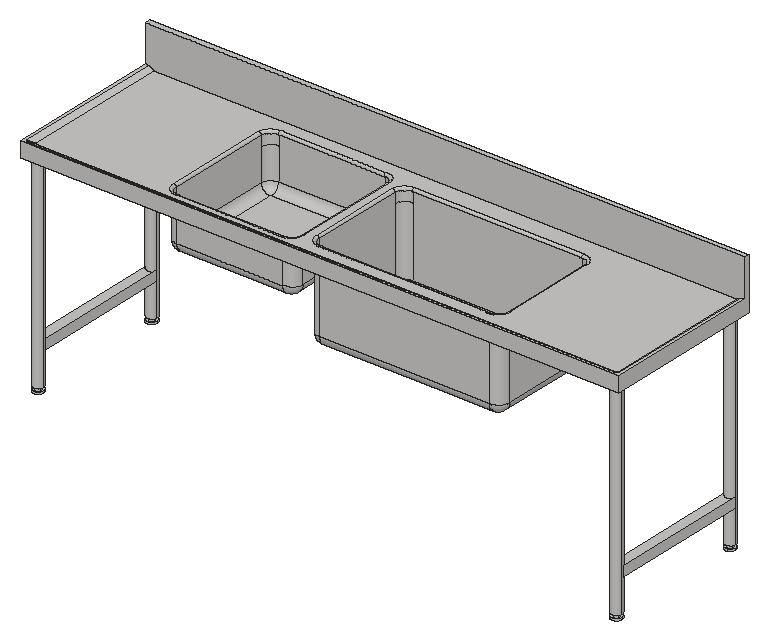
Revit family
Parameters (values of type "2400 X 650 Bowl Center")
  Waste Outlet Distance = 335 mm
  Material = Stainless Steel Grade 304
  Depth of Catering Bowl = 230 mm
  Width of Catering Bowl = 505 mm
  Length of Catering Bowl = 505 mm
  Depth of Pot Bowl = 380 mm
  Width of Pot Bowl = 460 mm
  Length of Pot Bowl = 760 mm
  Distance of Bowl = 100 mm
  Waste Connection Radius = Waste Connection Diameter / 2  # 20 mm
  Waste Connection Diameter = 40 mm
  WFU = 0
  URL = "http://www.autospec.co.za/browse.php?id=1644179283"
  Product Code = "None"
  OmniClass Title = ""
  OmniClass Number = ""
  Modspec Classification = ""
  Specification = ""
  Location (revit room) = ""
  Bowl Position [instance] = if(Bowl Position End, Distance of Bowl, if(Bowl Position Center, (Length / 2 - (Length of Catering Bowl + Length of Pot Bowl) / 2 - 25 mm), Distance of Bowl))  # 542.5 mm
  Description = ""
  Colour = none
  Bowl Position End = no
  Bowl Position Center = not(Bowl Position End)  # yes
  Body Finish = none
  Bed Height = 210 mm
  Splashback Height = 150 mm
  Width = 650 mm
  Model = "Combination Catering And Pot Sink Bowl Center Series KP1/KS1-2400 X 650"
  Manufacturer = "Kwikot"  # constant formula
  Length = 2400 mm
  Height = 1050 mm
  Assembly Code = "E1090300"
Reference planes
  plane 1 "Center (Front/Back)": y = 0
  plane 2 "Bottom": z = 0
  plane 3 "Center (Left/Right)": x = 0
  plane 4 "Left": x = -1200
  plane 5 "Right": x = 1200
  plane 6 "Front": y = -650
  plane 7 "Top": z = 1050
  plane 8: z = 900
  plane 9: z = 840
  plane 10: z = 520
  plane 11: y = -335
  plane 12: x = 18
  plane 13: x = -405
  plane 14: x = 657.5
  plane 15: x = -152.5
  plane 16: x = -657.5
  plane 17: x = -102.5
  plane 18: y = -105
  plane 19: y = -565
  plane 20: z = 670
  plane 21: y = -82.5
  plane 22: y = -587.5
Forms (mm)
  Extrusion 1, solid, material "Stainless Steel Grade 304" <- "Material"
    sketch origin (-1200, -491, 4000) x (0, -1, 0) y (0, 0, 1)
      loop
        line (-491, -3160) -> (159, -3160) -> (159, -3100) -> (-471, -3100) -> (-471, -2950) -> (-491, -2950) -> (-491, -3160)
    from 0 to -2400
  Blend 2, void
    base sketch origin (-779.234, -1524, 900) x (0, -1, 0) y (1, 0, 0)
      loop
        arc (-891, -408.766) -> (-887.464, -407.302) -> (-886, -403.766) r 5
        line (-886, -403.766) -> (-886, 1962.234)
        arc (-886, 1962.234) -> (-887.464, 1965.769) -> (-891, 1967.234) r 5
        line (-891, 1967.234) -> (-1504, 1967.234) -> (-1504, -408.766) -> (-891, -408.766)
    top sketch origin (-779.234, -1524, 900) x (0, -1, 0) y (1, 0, 0)
      loop
        line (-1504, -388.766) -> (-911, -388.766)
        arc (-911, -388.766) -> (-907.464, -387.302) -> (-906, -383.766) r 5
        line (-906, -383.766) -> (-906, 1942.234)
        arc (-906, 1942.234) -> (-907.464, 1945.769) -> (-911, 1947.234) r 5
        line (-911, 1947.234) -> (-1504, 1947.234) -> (-1504, -388.766)
    from 0 to -12
  Extrusion 3, void
    sketch origin (-779.234, -1524, 840) x (0, -1, 0) y (-1, 0, 0)
      loop
        line (-1419, -716.734) -> (-1419, -1396.734)
        arc (-1419, -1396.734) -> (-1407.284, -1425.018) -> (-1379, -1436.734) r 40
        line (-1379, -1436.734) -> (-999, -1436.734)
        arc (-999, -1436.734) -> (-970.716, -1425.018) -> (-959, -1396.734) r 40
        line (-959, -1396.734) -> (-959, -716.734)
        arc (-959, -716.734) -> (-970.716, -688.449) -> (-999, -676.734) r 40
        line (-999, -676.734) -> (-1379, -676.734)
        arc (-1379, -676.734) -> (-1407.284, -688.449) -> (-1419, -716.734) r 40
      loop
        arc (-1441.5, -586.734) -> (-1429.784, -615.018) -> (-1401.5, -626.734) r 40
        line (-1401.5, -626.734) -> (-976.5, -626.734)
        arc (-976.5, -626.734) -> (-948.216, -615.018) -> (-936.5, -586.734) r 40
        line (-936.5, -586.734) -> (-936.5, -161.734)
        arc (-936.5, -161.734) -> (-948.216, -133.449) -> (-976.5, -121.734) r 40
        line (-976.5, -121.734) -> (-1401.5, -121.734)
        arc (-1401.5, -121.734) -> (-1429.784, -133.449) -> (-1441.5, -161.734) r 40
        line (-1441.5, -161.734) -> (-1441.5, -586.734)
    from 0 to -60
  Sweep 4, solid, material "Stainless Steel Grade 304" <- "Material"
    path origin (-779.234, -1524, 900) x (-1, 0, 0) y (0, -1, 0)
      loop
        line (-676.734, -1379) -> (-676.734, -999)
        arc (-676.734, -999) -> (-688.449, -970.716) -> (-716.734, -959) r 40
        line (-716.734, -959) -> (-1396.734, -959)
        arc (-1396.734, -959) -> (-1425.018, -970.716) -> (-1436.734, -999) r 40
        line (-1436.734, -999) -> (-1436.734, -1379)
        arc (-1436.734, -1379) -> (-1425.018, -1407.284) -> (-1396.734, -1419) r 40
        line (-1396.734, -1419) -> (-716.734, -1419)
        arc (-716.734, -1419) -> (-688.449, -1407.284) -> (-676.734, -1379) r 40
    profile origin (-102.5, -335, 900) x (1, 0, 0) y (0, 0, 1)
      loop
        line (0, -12) -> (-5, -12) -> (-5, -340)
        arc (-5, -340) -> (6.716, -368.284) -> (35, -380) r 40
        line (35, -380) -> (35, -375)
        arc (35, -375) -> (10.251, -364.749) -> (0, -340) r 35
        line (0, -340) -> (0, -12)
  Sweep 5, solid, material "Stainless Steel Grade 304" <- "Material"
    path origin (-779.234, -1524, 900) x (-1, 0, 0) y (0, -1, 0)
      loop
        line (-121.734, -1401.5) -> (-121.734, -976.5)
        arc (-121.734, -976.5) -> (-133.449, -948.216) -> (-161.734, -936.5) r 40
        line (-161.734, -936.5) -> (-586.734, -936.5)
        arc (-586.734, -936.5) -> (-615.018, -948.216) -> (-626.734, -976.5) r 40
        line (-626.734, -976.5) -> (-626.734, -1401.5)
        arc (-626.734, -1401.5) -> (-615.018, -1429.784) -> (-586.734, -1441.5) r 40
        line (-586.734, -1441.5) -> (-161.734, -1441.5)
        arc (-161.734, -1441.5) -> (-133.449, -1429.784) -> (-121.734, -1401.5) r 40
    profile origin (-657.5, -335, 900) x (1, 0, 0) y (0, 0, 1)
      loop
        line (0, -12) -> (-5, -12) -> (-5, -190)
        arc (-5, -190) -> (6.716, -218.284) -> (35, -230) r 40
        line (35, -230) -> (35, -225)
        arc (35, -225) -> (10.251, -214.749) -> (0, -190) r 35
        line (0, -190) -> (0, -12)
  Extrusion 6, solid, material "Stainless Steel Grade 304" <- "Material"
    sketch origin (-1108.106, -1524, 670) x (-1, 0, 0) y (0, -1, 0)
      loop
        circle (-703.106, -1189) r 26
      loop
        arc (-485.606, -976.5) -> (-487.07, -972.964) -> (-490.606, -971.5) r 5
        line (-490.606, -971.5) -> (-915.606, -971.5)
        arc (-915.606, -971.5) -> (-919.141, -972.964) -> (-920.606, -976.5) r 5
        line (-920.606, -976.5) -> (-920.606, -1401.5)
        arc (-920.606, -1401.5) -> (-919.141, -1405.036) -> (-915.606, -1406.5) r 5
        line (-915.606, -1406.5) -> (-490.606, -1406.5)
        arc (-490.606, -1406.5) -> (-487.07, -1405.036) -> (-485.606, -1401.5) r 5
        line (-485.606, -1401.5) -> (-485.606, -976.5)
    from 0 to 5
  Extrusion 7, solid, material "Stainless Steel Grade 304" <- "Material"
    sketch origin (-779.234, -1524, 520) x (-1, 0, 0) y (0, -1, 0)
      loop
        arc (-711.734, -999) -> (-713.198, -995.464) -> (-716.734, -994) r 5
        line (-716.734, -994) -> (-1396.734, -994)
        arc (-1396.734, -994) -> (-1400.269, -995.464) -> (-1401.734, -999) r 5
        line (-1401.734, -999) -> (-1401.734, -1379)
        arc (-1401.734, -1379) -> (-1400.269, -1382.536) -> (-1396.734, -1384) r 5
        line (-1396.734, -1384) -> (-716.734, -1384)
        arc (-716.734, -1384) -> (-713.198, -1382.536) -> (-711.734, -1379) r 5
        line (-711.734, -1379) -> (-711.734, -999)
      loop
        circle (-797.234, -1189) r 26
    from 0 to 5
  Blend 8, solid, material "Stainless Steel Grade 304" <- "Material"
    base sketch origin (-1108.106, -1524, 670) x (-1, 0, 0) y (0, -1, 0)
      loop
        circle (-703.106, -1189) r 26
    top sketch origin (-1108.106, -1524, 670) x (-1, 0, 0) y (0, -1, 0)
      loop
        circle (-703.106, -1189) r 20
    from 0 to -5
  Blend 9, solid, material "Stainless Steel Grade 304" <- "Material"
    base sketch origin (-779.234, -1524, 520) x (-1, 0, 0) y (0, -1, 0)
      loop
        circle (-797.234, -1189) r 26
    top sketch origin (-779.234, -1524, 520) x (-1, 0, 0) y (0, -1, 0)
      loop
        circle (-797.234, -1189) r 20
    from 0 to -5
  Sweep 10, void
    path origin (-779.234, -1524, 900) x (-1, 0, 0) y (0, -1, 0)
      loop
        line (-121.734, -1401.5) -> (-121.734, -976.5)
        arc (-121.734, -976.5) -> (-133.449, -948.216) -> (-161.734, -936.5) r 40
        line (-161.734, -936.5) -> (-586.734, -936.5)
        arc (-586.734, -936.5) -> (-615.018, -948.216) -> (-626.734, -976.5) r 40
        line (-626.734, -976.5) -> (-626.734, -1401.5)
        arc (-626.734, -1401.5) -> (-615.018, -1429.784) -> (-586.734, -1441.5) r 40
        line (-586.734, -1441.5) -> (-161.734, -1441.5)
        arc (-161.734, -1441.5) -> (-133.449, -1429.784) -> (-121.734, -1401.5) r 40
    profile origin (-657.5, -335, 900) x (1, 0, 0) y (0, 0, 1)
      loop
        line (0, -12) -> (-10, -12)
        arc (-10, -12) -> (-2.929, -14.929) -> (0, -22) r 10
        line (0, -22) -> (0, -12)
  Sweep 11, void
    path origin (-779.234, -1524, 900) x (-1, 0, 0) y (0, -1, 0)
      loop
        line (-676.734, -1379) -> (-676.734, -999)
        arc (-676.734, -999) -> (-688.449, -970.716) -> (-716.734, -959) r 40
        line (-716.734, -959) -> (-1396.734, -959)
        arc (-1396.734, -959) -> (-1425.018, -970.716) -> (-1436.734, -999) r 40
        line (-1436.734, -999) -> (-1436.734, -1379)
        arc (-1436.734, -1379) -> (-1425.018, -1407.284) -> (-1396.734, -1419) r 40
        line (-1396.734, -1419) -> (-716.734, -1419)
        arc (-716.734, -1419) -> (-688.449, -1407.284) -> (-676.734, -1379) r 40
    profile origin (-102.5, -335, 900) x (1, 0, 0) y (0, 0, 1)
      loop
        line (0, -12) -> (-10, -12)
        arc (-10, -12) -> (-2.929, -14.929) -> (0, -22) r 10
        line (0, -22) -> (0, -12)
  Extrusion 12, solid, material "Stainless Steel Grade 304" <- "Material"
    sketch origin (0, 0, 0) x (1, 0, 0) y (0, 1, 0)
      loop
        circle (-1160, -610) r 21
      loop
        circle (-1160, -40) r 21
      loop
        circle (1160, -610) r 21
      loop
        circle (1160, -40) r 21
    from 0 to 5
  Extrusion 13, solid, material "Stainless Steel Grade 304" <- "Material"
    sketch origin (0, 0, 0) x (1, 0, 0) y (0, 1, 0)
      loop
        circle (-1160, -40) r 10
      loop
        circle (-1160, -610) r 10
      loop
        circle (1160, -40) r 10
      loop
        circle (1160, -610) r 10
    from 5 to 20
  Extrusion 14, solid, material "Stainless Steel Grade 304" <- "Material"
    sketch origin (-779.234, -1524, 840) x (-1, 0, 0) y (0, -1, 0)
      loop
        circle (380.766, -914) r 21
      loop
        circle (380.766, -1484) r 21
      loop
        circle (-1939.234, -1484) r 21
      loop
        circle (-1939.234, -914) r 21
    from 0 to -820
  Extrusion 15, solid, material "Stainless Steel Grade 304" <- "Material"
    sketch origin (0, 0, 0) x (1, 0, 0) y (0, 1, 0)
      loop
        line (-1181, -40) -> (-1181, -610)
        arc (-1181, -610) -> (-1160, -589) -> (-1139, -610) r 21
        line (-1139, -610) -> (-1139, -40)
        arc (-1139, -40) -> (-1160, -61) -> (-1181, -40) r 21
      loop
        line (1139, -40) -> (1139, -610)
        arc (1139, -610) -> (1160, -589) -> (1181, -610) r 21
        line (1181, -610) -> (1181, -40)
        arc (1181, -40) -> (1160, -61) -> (1139, -40) r 21
    from 150 to 190
Cuts and joins
  Blend 2, Extrusion 3, Sweep 10, Sweep 11 cuts Extrusion 1
  Sweep 10, Sweep 11 cuts Sweep 4
  Sweep 10, Sweep 11 cuts Sweep 5
  Sweep 10, Sweep 11 cuts Extrusion 6
  Sweep 10, Sweep 11 cuts Extrusion 7
  joined: Extrusion 1, Sweep 4, Sweep 5, Extrusion 6, Extrusion 7, Blend 8, Blend 9
Lines and regions (mm)
  symbolic lines
    curve 1: line (-1200, 0, 750) -> (-1200, -650, 750)
    curve 2: line (1200, 0, 750) -> (-1200, 0, 750)
    curve 3: line (1200, -650, 750) -> (1200, 0, 750)
    curve 4: line (-1200, -650, 750) -> (1200, -650, 750)
    curve 5: line (-1200, -20, 750) -> (1200, -20, 750)
    curve 6: line (-1188, -633, 1050) -> (-1188, -20, 1050)
    curve 7: arc (-1183, -638, 1050) -> (-1186.536, -636.536, 1050) -> (-1188, -633, 1050) r 5
    curve 8: line (1183, -638, 1050) -> (-1183, -638, 1050)
    curve 9: line (-1168, -20, 1050) -> (-1168, -613, 1050)
    curve 10: arc (-1168, -613, 1050) -> (-1166.536, -616.536, 1050) -> (-1163, -618, 1050) r 5
    curve 11: line (-1163, -618, 1050) -> (1163, -618, 1050)
    curve 12: arc (1163, -618, 1050) -> (1166.536, -616.536, 1050) -> (1168, -613, 1050) r 5
    curve 13: line (1168, -613, 1050) -> (1168, -20, 1050)
    curve 14: arc (1188, -633, 1050) -> (1186.536, -636.536, 1050) -> (1183, -638, 1050) r 5
    curve 15: line (1188, -20, 1050) -> (1188, -633, 1050)
    curve 16: line (617.5, -565, 1050) -> (-62.5, -565, 1050)
    curve 17: arc (-62.5, -565, 1050) -> (-90.784, -553.284, 1050) -> (-102.5, -525, 1050) r 40
    curve 18: line (-102.5, -525, 1050) -> (-102.5, -145, 1050)
    curve 19: arc (-102.5, -145, 1050) -> (-90.784, -116.716, 1050) -> (-62.5, -105, 1050) r 40
    curve 20: line (-62.5, -105, 1050) -> (617.5, -105, 1050)
    curve 21: arc (617.5, -105, 1050) -> (645.784, -116.716, 1050) -> (657.5, -145, 1050) r 40
    curve 22: line (657.5, -145, 1050) -> (657.5, -525, 1050)
    curve 23: arc (657.5, -525, 1050) -> (645.784, -553.284, 1050) -> (617.5, -565, 1050) r 40
    curve 24: line (-657.5, -122.5, 1050) -> (-657.5, -547.5, 1050)
    curve 25: arc (-657.5, -122.5, 1050) -> (-645.784, -94.216, 1050) -> (-617.5, -82.5, 1050) r 40
    curve 26: line (-192.5, -82.5, 1050) -> (-617.5, -82.5, 1050)
    curve 27: arc (-192.5, -82.5, 1050) -> (-164.216, -94.216, 1050) -> (-152.5, -122.5, 1050) r 40
    curve 28: line (-152.5, -547.5, 1050) -> (-152.5, -122.5, 1050)
    curve 31: arc (-152.5, -547.5, 1050) -> (-164.216, -575.784, 1050) -> (-192.5, -587.5, 1050) r 40
    curve 32: line (-617.5, -587.5, 1050) -> (-192.5, -587.5, 1050)
    curve 33: arc (-617.5, -587.5, 1050) -> (-645.784, -575.784, 1050) -> (-657.5, -547.5, 1050) r 40
  symbolic lines, detail levels fine
    curve 29: arc (-431, -335, 1050) -> (-405, -309, 1050) -> (-379, -335, 1050) r 26
    curve 30: arc (-379, -335, 1050) -> (-405, -361, 1050) -> (-431, -335, 1050) r 26
    curve 34: arc (44, -335, 1050) -> (18, -361, 1050) -> (-8, -335, 1050) r 26
    curve 35: arc (-8, -335, 1050) -> (18, -309, 1050) -> (44, -335, 1050) r 26
Dimensions and locks
  equal spacing: plane 4 "Left", plane 3 "Center (Left/Right)", plane 5 "Right"
  "Length": plane 4 "Left" to plane 5 "Right"
  "Width": plane 1 "Center (Front/Back)" to plane 6 "Front"
  "Height": plane 7 "Top" to level
  "Splashback Height": plane 7 "Top" to plane 8
  Blend 2 sketch curve to plane 6 "Front" = 12 mm
  "Bed Height": plane 7 "Top" to plane 9
  "Waste Outlet Distance": plane 11 to plane 1 "Center (Front/Back)"
  Blend 2 sketch curve to var sketch = 20 mm  (x2)
  var sketch to Blend 2 sketch curve = 20 mm
  "Width of Pot Bowl": plane 18 to plane 19
  "Length of Catering Bowl": plane 16 to plane 15
  "Length of Pot Bowl": plane 17 to plane 14
  "Depth of Pot Bowl": plane 8 to plane 10
  "Depth of Catering Bowl": plane 8 to plane 20
  "Width of Catering Bowl": plane 21 to plane 22
  plane 4 "Left" to Extrusion 12 sketch curve = 40 mm  (x2)
  Extrusion 12 sketch curve to plane 6 "Front" = 40 mm  (x2)
  Extrusion 12 sketch curve to plane 1 "Center (Front/Back)" = 40 mm  (x2)
  Extrusion 12 sketch curve to plane 5 "Right" = 40 mm  (x2)
  Extrusion 15 to plane 2 "Bottom" = 150 mm
  "Bowl Position": plane 14 to plane 5 "Right"
  plane 15 to plane 17 = 50 mm
  plane 13 to plane 12 = 423 mm
  plane 11 to plane 1 "Center (Front/Back)" = 335 mm
  equal spacing: plane 16, plane 13, plane 15
  equal spacing: plane 21, plane 11, plane 22
  equal spacing: plane 18, plane 11, plane 19
  radius of Extrusion 3 sketch curve = 40 mm  (x8)
  radius of Extrusion 7 sketch curve = 26 mm
  "Waste Connection Radius": radius of Blend 8 sketch curve
  "Waste Connection Radius": radius of Blend 9 sketch curve
  radius of Extrusion 12 sketch curve = 21 mm  (x4)
  aligned and locked: level to plane 2 "Bottom"
  aligned and locked: Extrusion 1 sketch curve to plane 9
  aligned and locked: Extrusion 1 sketch curve to plane 1 "Center (Front/Back)"
  aligned and locked: plane 8 to Extrusion 1 sketch curve
  aligned and locked: Extrusion 1 sketch curve to plane 6 "Front"
  aligned and locked: plane 7 "Top" to Extrusion 1 sketch curve
  aligned and locked: plane 4 "Left" to Extrusion 1
  aligned and locked: Extrusion 1 to plane 5 "Right"
  aligned and locked: var sketch to Blend 2 sketch curve
  aligned and locked: plane 8 to Extrusion 3
  aligned and locked: Extrusion 3 to plane 9
  aligned and locked: Sweep 4 sketch curve to cut or joined group 1 (Extrusion 1, Blend 2, Extrusion 3, Sweep 4, Sweep 5, Extrusion 6, Extrusion 7, Blend 8, Blend 9, Sweep 10, Sweep 11)  (x6)
  aligned and locked: curve 7 to cut or joined group 1
  aligned and locked: curve 9 to cut or joined group 1
  aligned and locked: curve 10 to cut or joined group 1
  aligned and locked: curve 12 to cut or joined group 1
  aligned and locked: curve 14 to cut or joined group 1
  aligned and locked: curve 15 to cut or joined group 1
  aligned and locked: curve 17 to cut or joined group 1
  aligned and locked: curve 19 to cut or joined group 1
  aligned and locked: curve 21 to cut or joined group 1
  aligned and locked: curve 23 to cut or joined group 1
  aligned and locked: Sweep 5 sketch curve to cut or joined group 1  (x6)
  aligned and locked: plane 11 to Extrusion 6 sketch curve
  aligned and locked: plane 13 to Extrusion 6 sketch curve
  aligned and locked: Extrusion 7 sketch curve to cut or joined group 1  (x4)
  aligned and locked: plane 11 to Extrusion 7 sketch curve
  aligned and locked: plane 12 to Extrusion 7 sketch curve
  aligned and locked: curve 25 to cut or joined group 1
  aligned and locked: curve 27 to cut or joined group 1
  aligned and locked: curve 29 to cut or joined group 1
  aligned and locked: curve 30 to cut or joined group 1
  aligned and locked: curve 31 to cut or joined group 1
  aligned and locked: curve 33 to cut or joined group 1
  aligned and locked: curve 34 to cut or joined group 1
  aligned and locked: curve 35 to cut or joined group 1
  aligned and locked: Blend 8 sketch curve to cut or joined group 1  (x2)
  aligned and locked: plane 11 to Blend 8 sketch curve
  aligned and locked: plane 13 to Blend 8 sketch curve
  aligned and locked: Blend 9 sketch curve to cut or joined group 1  (x2)
  aligned and locked: plane 11 to Blend 9 sketch curve
  aligned and locked: plane 12 to Blend 9 sketch curve
  aligned and locked: plane 10 to Sweep 4 sketch curve
  aligned and locked: Extrusion 3 sketch curve to plane 18
  aligned and locked: plane 19 to Extrusion 3 sketch curve
  aligned and locked: plane 16 to Extrusion 3 sketch curve
  aligned and locked: plane 15 to Extrusion 3 sketch curve
  aligned and locked: plane 17 to Extrusion 3 sketch curve
  aligned and locked: plane 14 to Extrusion 3 sketch curve
  aligned and locked: plane 20 to Sweep 5 sketch curve
  aligned and locked: Extrusion 6 sketch curve to Sweep 5  (x4)
  aligned and locked: plane 21 to Extrusion 3 sketch curve
  aligned and locked: Extrusion 3 sketch curve to plane 22
  aligned and locked: Sweep 10 sketch curve to cut or joined group 1  (x4)
  aligned and locked: profile plane to Sweep 10 sketch curve
  aligned and locked: cut or joined group 1 to Sweep 10 sketch curve
  aligned and locked: Sweep 11 sketch curve to cut or joined group 1  (x4)
  aligned and locked: profile plane to Sweep 11 sketch curve
  aligned and locked: cut or joined group 1 to Sweep 11 sketch curve
  aligned and locked: Extrusion 14 sketch curve to Extrusion 12  (x8)
  aligned and locked: Extrusion 14 to Extrusion 13
  aligned and locked: Extrusion 15 sketch curve to Extrusion 14  (x4)
Automatic sketch dimensions
  plane 1 "Center (Front/Back)" to Extrusion 1 sketch curve = 20 mm
  Blend 2 sketch curve to Blend 2 sketch curve = 5 mm  (x4)
  plane 1 "Center (Front/Back)" to Blend 2 sketch curve = 20 mm
  Blend 2 sketch curve to plane 4 "Left" = 12 mm
  plane 5 "Right" to Blend 2 sketch curve = 17 mm
  plane 1 "Center (Front/Back)" to curve 3 = 0 mm
  curve 3 to plane 5 "Right" = 0 mm
  curve 4 to plane 4 "Left" = 0 mm
  curve 4 to plane 6 "Front" = 0 mm
  curve 1 to curve 5 = 20 mm
  plane 1 "Center (Front/Back)" to curve 15 = 20 mm
  plane 1 "Center (Front/Back)" to curve 9 = 20 mm
  plane 1 "Center (Front/Back)" to curve 13 = 20 mm
  curve 6 to curve 9 = 0 mm
  profile plane to Sweep 5 sketch curve = 5 mm
  Sweep 5 sketch curve to profile plane = 35 mm
  Sweep 4 sketch curve to Sweep 4 sketch curve = 0 mm
  profile plane to Sweep 4 sketch curve = 5 mm
  Sweep 4 sketch curve to Sweep 4 sketch curve = 35 mm
  Sweep 5 sketch curve to Sweep 5 sketch curve = 0 mm
  Sweep 10 sketch curve to Sweep 10 sketch curve = 10 mm  (x2)
  Sweep 10 sketch curve to Sweep 10 sketch curve = 0 mm  (x2)
  profile plane to Sweep 10 sketch curve = 0 mm
  profile plane to Sweep 11 sketch curve = 10 mm
  Sweep 11 sketch curve to Sweep 11 sketch curve = 10 mm  (x2)
  Sweep 11 sketch curve to Sweep 11 sketch curve = 0 mm
  profile plane to Sweep 11 sketch curve = 0 mm
  Extrusion 13 sketch curve to plane 4 "Left" = 30 mm  (x2)
  Extrusion 13 sketch curve to Extrusion 13 sketch curve = 10 mm  (x4)
  plane 5 "Right" to Extrusion 13 sketch curve = 50 mm  (x2)
  plane 21 to Extrusion 13 sketch curve = 42.5 mm  (x2)
  Extrusion 13 sketch curve to plane 22 = 22.5 mm  (x2)
  radius of Extrusion 6 sketch curve = 26 mm
Connectors
  piping at (-405, -335, 665), driven by "Waste Connection Radius", driven by "WFU"
    settings: on Blend 8, index 1, connector radius 20 mm, flow factor 0, pipe flow 0.0 L/s, pressure drop 0.0 Pa, fitting loss kfactor 0, connector angle 0.00°, fixture units 0, flow configuration 3, flow direction 2, fitting loss method 0, system type 16, connector reference index -1, connector utility 0, adjustable connector no, is connector primary yes, fitting loss table "", connector description "Waste Connection"
  piping at (18, -335, 515), driven by "Waste Connection Radius", driven by "WFU"
    settings: on Blend 9, index 2, connector radius 20 mm, flow factor 0, pipe flow 0.0 L/s, pressure drop 0.0 Pa, fitting loss kfactor 0, connector angle 0.00°, fixture units 0, flow configuration 3, flow direction 2, fitting loss method 0, system type 16, connector reference index -1, connector utility 0, adjustable connector no, is connector primary no, fitting loss table "", connector description "Waste Connection"
